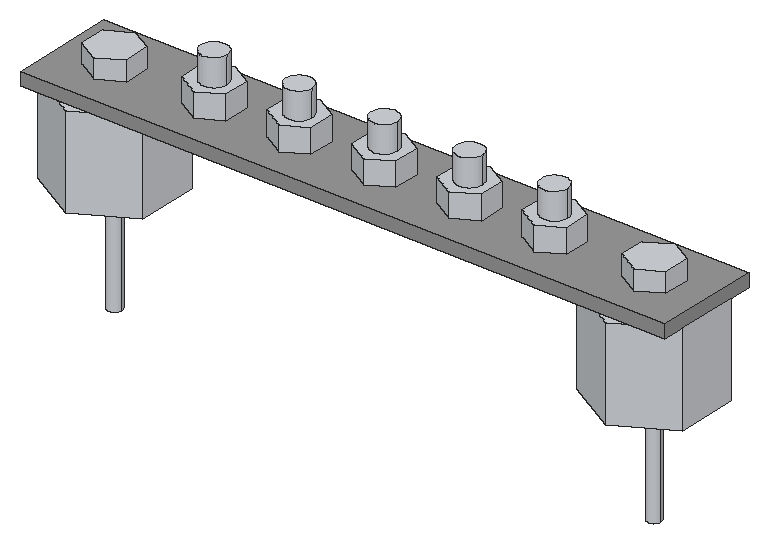
Revit family "Potentialausgleichsschiene BigBar für Industriebereich_Copper", category Generic Models, Revit 2015
Parameters (values of type "1802 5 CU")
  Width = 40 mm
  URL = "http://www.obo-bettermann.com"
  Material = Copper
  Manufacturer Art.No. = "5015830"
  Manufacturer = "OBO Bettermann"
  Length 1 = 130 mm
  Length = 246 mm
  Height = 5 mm
  GTIN = "4012195002253"
  Cut's number = 5
  Article Type = "1802 5 CU"
Types (8, lengths in mm): name | Manufacturer Art.No. | Length 1 | Length | GTIN | Cut's number | Article Type
  (no name) | "5015830" | 130 | 246 | "4012195002253" | 5 | "1802 5 CU"
  1802 5 CU | "5015830" | 130 | 246 | "4012195002253" | 5 | "1802 5 CU"
  1802 10 CU | "5015842" | 292.5 | 408.5 | "4012195002260" | 10 | "1802 10 CU"
  1802 6 CU | "5015832" | 162.5 | 278.5 | "4012195699330" | 6 | "1802 6 CU"
  1802 8 CU | "5015836" | 227.5 | 343.5 | "4012195699347" | 8 | "1802 8 CU"
  1802 12 CU | "5015844" | 357.5 | 473.5 | "4012195699354" | 12 | "1802 12 CU"
  1802 14 CU | "5015847" | 422.5 | 538.8 | "4012195699361" | 14 | "1802 14 CU"
  1802 20 CU | "5015849" | 617.5 | 733.5 | "4012195699408" | 20 | "1802 20 CU"
Reference planes
  plane 1 "Center (Front/Back)": y = 0
  plane 2: z = 0
  plane 3 "Center (Left/Right)": x = 0
  plane 4: z = 5
  plane 5: z = 14
  plane 6: z = 24
  plane 7: z = -35
  plane 8: z = -77.5
  plane 9: z = 12.4
Forms (mm)
  Extrusion 1, solid, material "Copper" <- "Material"
    sketch origin (0, 0, 0) x (1, 0, 0) y (0, 1, 0)
      loop
        line (-58, 20) -> (-58, -20) -> (188, -20) -> (188, 20) -> (-58, 20)
    from 0 to 5
  Extrusion 2, solid
    sketch origin (0, 0, 0) x (1, 0, 0) y (0, 1, 0)
      loop
        line (8.461, 4.885) -> (0, 9.77) -> (-8.461, 4.885) -> (-8.461, -4.885) -> (0, -9.77) -> (8.461, -4.885) -> (8.461, 4.885)
    from 5 to 14
  Extrusion 3, solid
    sketch origin (0, 0, 0) x (1, 0, 0) y (0, 1, 0)
      loop
        circle (0, 0) r 5
    from 14 to 24
  Extrusion 4, solid
    sketch origin (130, 0, 0) x (1, 0, 0) y (0, 1, 0)
      loop
        line (8.461, 4.885) -> (0, 9.77) -> (-8.461, 4.885) -> (-8.461, -4.885) -> (0, -9.77) -> (8.461, -4.885) -> (8.461, 4.885)
    from 5 to 14
  Extrusion 5, solid
    sketch origin (130, 0, 0) x (1, 0, 0) y (0, 1, 0)
      loop
        circle (0, 0) r 5
    from 14 to 24
  Extrusion 6, solid
    sketch origin (32.5, 0, 0) x (1, 0, 0) y (0, 1, 0)
      loop
        line (8.461, 4.885) -> (0, 9.77) -> (-8.461, 4.885) -> (-8.461, -4.885) -> (0, -9.77) -> (8.461, -4.885) -> (8.461, 4.885)
    from 5 to 14
  Extrusion 7, solid
    sketch origin (32.5, 0, 0) x (1, 0, 0) y (0, 1, 0)
      loop
        circle (0, 0) r 5
    from 14 to 24
  Extrusion 8, solid
    sketch origin (65, 0, 0) x (1, 0, 0) y (0, 1, 0)
      loop
        line (8.461, 4.885) -> (0, 9.77) -> (-8.461, 4.885) -> (-8.461, -4.885) -> (0, -9.77) -> (8.461, -4.885) -> (8.461, 4.885)
    from 5 to 14
  Extrusion 9, solid
    sketch origin (65, 0, 0) x (1, 0, 0) y (0, 1, 0)
      loop
        circle (0, 0) r 5
    from 14 to 24
  Extrusion 10, solid
    sketch origin (97.5, 0, 0) x (1, 0, 0) y (0, 1, 0)
      loop
        line (8.461, 4.885) -> (0, 9.77) -> (-8.461, 4.885) -> (-8.461, -4.885) -> (0, -9.77) -> (8.461, -4.885) -> (8.461, 4.885)
    from 5 to 14
  Extrusion 11, solid
    sketch origin (97.5, 0, 0) x (1, 0, 0) y (0, 1, 0)
      loop
        circle (0, 0) r 5
    from 14 to 24
  Extrusion 12, void
    sketch origin (0, 0, 0) x (1, 0, 0) y (0, 1, 0)
      loop
        arc (-43.25, -3.25) -> (-38, -8.5) -> (-32.75, -3.25) r 5.25
        line (-32.75, -3.25) -> (-32.75, 3.25)
        arc (-32.75, 3.25) -> (-38, 8.5) -> (-43.25, 3.25) r 5.25
        line (-43.25, 3.25) -> (-43.25, -3.25)
      loop
        arc (164.75, 5.25) -> (159.5, 0) -> (164.75, -5.25) r 5.25
        line (164.75, -5.25) -> (171.25, -5.25)
        arc (171.25, -5.25) -> (176.5, 0) -> (171.25, 5.25) r 5.25
        line (171.25, 5.25) -> (164.75, 5.25)
    from 0 to 5
  Extrusion 13, solid
    sketch origin (0, 0, 0) x (1, 0, 0) y (0, 1, 0)
      loop
        line (-17.892, 11.61) -> (-38, 23.219) -> (-58.108, 11.61) -> (-58.108, -11.61) -> (-38, -23.219) -> (-17.892, -11.61) -> (-17.892, 11.61)
      loop
        line (188.135, 11.625) -> (168, 23.25) -> (147.865, 11.625) -> (147.865, -11.625) -> (168, -23.25) -> (188.135, -11.625) -> (188.135, 11.625)
    from 0 to -35
  Extrusion 14, solid
    sketch origin (0, 0, 0) x (1, 0, 0) y (0, 1, 0)
      loop
        circle (-38, 0) r 2.707
      loop
        circle (168, 0) r 2.524
    from -77.5 to -35
  Extrusion 15, solid
    sketch origin (0, 0, 0) x (1, 0, 0) y (0, 1, 0)
      loop
        line (-29.532, 4.889) -> (-38, 9.778) -> (-46.468, 4.889) -> (-46.468, -4.889) -> (-38, -9.778) -> (-29.532, -4.889) -> (-29.532, 4.889)
      loop
        line (176.5, 4.907) -> (168, 9.815) -> (159.5, 4.907) -> (159.5, -4.907) -> (168, -9.815) -> (176.5, -4.907) -> (176.5, 4.907)
    from 5 to 12.4
Cuts and joins
  Extrusion 12 cuts Extrusion 1
Dimensions and locks
  "Height": plane 4 to level
  equal spacing: Extrusion 1 sketch curve, plane 1 "Center (Front/Back)", Extrusion 1 sketch curve, locked at 20 each
  locked: Extrusion 1 sketch curve to plane 3 "Center (Left/Right)" at 58
  "Width": Extrusion 1 sketch curve to Extrusion 1 sketch curve
  "Length": Extrusion 1 sketch curve to Extrusion 1 sketch curve
  locked: Extrusion 2 sketch curve to Extrusion 2 sketch curve at 16.922  (x3)
  locked: Extrusion 4 sketch curve to Extrusion 4 sketch curve at 16.922  (x3)
  equal spacing: group 1, group 3, group 4, group 5, group 2  (x3)
  "Length 1": Extrusion 2 to Extrusion 4
  locked: Extrusion 6 sketch curve to Extrusion 6 sketch curve at 16.922  (x3)
  locked: Extrusion 8 sketch curve to Extrusion 8 sketch curve at 16.922  (x3)
  locked: Extrusion 10 sketch curve to Extrusion 10 sketch curve at 16.922  (x3)
  locked: Extrusion 12 sketch curve to Extrusion 12 sketch curve at 10.5  (x2)
  locked: Extrusion 1 to Extrusion 12 sketch curve at 14.75
  locked: Extrusion 12 sketch curve to Extrusion 12 sketch curve at 6.5  (x3)
  equal spacing: Extrusion 12 sketch curve, plane 1 "Center (Front/Back)", Extrusion 12 sketch curve, locked at 3.25 each
  equal spacing: Extrusion 12 sketch curve, plane 1 "Center (Front/Back)", Extrusion 12 sketch curve, locked at 5.25 each
  locked: Extrusion 12 sketch curve to Extrusion 1 at 16.75  (x2)
  locked: Extrusion 13 sketch curve to Extrusion 13 sketch curve at 40.217  (x3)
  locked: cut or joined group of Extrusion 1, Extrusion 12 to Extrusion 13 sketch curve at 40.108
  locked: Extrusion 13 sketch curve to cut or joined group of Extrusion 1, Extrusion 12 at 3.219  (x2)
  locked: Extrusion 13 sketch curve to Extrusion 13 sketch curve at 40.271  (x3)
  locked: Extrusion 13 sketch curve to cut or joined group of Extrusion 1, Extrusion 12 at 40.135
  locked: Extrusion 13 sketch curve to cut or joined group of Extrusion 1, Extrusion 12 at 3.25  (x2)
  locked: level to plane 7 at 35
  locked: cut or joined group of Extrusion 1, Extrusion 12 to Extrusion 14 sketch curve at 20  (x3)
  locked: Extrusion 14 sketch curve to cut or joined group of Extrusion 1, Extrusion 12 at 20
  locked: plane 7 to plane 8 at 42.5
  locked: Extrusion 15 sketch curve to Extrusion 15 sketch curve at 16.936  (x3)
  locked: cut or joined group of Extrusion 1, Extrusion 12 to Extrusion 15 sketch curve at 11.532
  locked: cut or joined group of Extrusion 1, Extrusion 12 to Extrusion 15 sketch curve at 10.222  (x2)
  locked: Extrusion 15 sketch curve to Extrusion 15 sketch curve at 17  (x3)
  locked: Extrusion 15 sketch curve to cut or joined group of Extrusion 1, Extrusion 12 at 11.5
  locked: cut or joined group of Extrusion 1, Extrusion 12 to Extrusion 15 sketch curve at 10.185  (x2)
  locked: plane 9 to cut or joined group of Extrusion 1, Extrusion 12 at 7.4
  diameter of Extrusion 3 sketch curve = 10 mm
  diameter of Extrusion 5 sketch curve = 10 mm
  diameter of Extrusion 7 sketch curve = 10 mm
  diameter of Extrusion 9 sketch curve = 10 mm
  diameter of Extrusion 11 sketch curve = 10 mm
  radius of Extrusion 12 sketch curve = 5.25 mm  (x2)
  diameter of Extrusion 14 sketch curve = 5.414 mm
  diameter of Extrusion 14 sketch curve = 5.047 mm
  aligned and locked: level to plane 2
  aligned and locked: Extrusion 1 to level
  aligned and locked: plane 4 to Extrusion 1
  aligned and locked: Extrusion 2 to plane 4
  aligned and locked: plane 5 to Extrusion 2
  aligned and locked: Extrusion 3 to plane 5
  aligned and locked: plane 6 to Extrusion 3
  aligned and locked: Extrusion 12 to level
  aligned and locked: plane 4 to Extrusion 12
  aligned and locked: Extrusion 13 to plane 7
  aligned and locked: level to Extrusion 13
  aligned and locked: Extrusion 14 to plane 8
  aligned and locked: Extrusion 14 to Extrusion 13
  aligned and locked: Extrusion 15 to plane 4
  aligned and locked: plane 9 to Extrusion 15
Automatic sketch dimensions
  Extrusion 2 sketch curve to Extrusion 2 sketch curve = 8.461 mm  (x2)
  Extrusion 2 sketch curve to Extrusion 2 sketch curve = 4.885 mm
  Extrusion 4 sketch curve to Extrusion 4 sketch curve = 8.461 mm  (x2)
  Extrusion 4 sketch curve to Extrusion 4 sketch curve = 4.885 mm
  Extrusion 6 sketch curve to Extrusion 6 sketch curve = 8.461 mm  (x2)
  Extrusion 6 sketch curve to Extrusion 6 sketch curve = 4.885 mm
  Extrusion 8 sketch curve to Extrusion 8 sketch curve = 8.461 mm  (x2)
  Extrusion 8 sketch curve to Extrusion 8 sketch curve = 4.885 mm
  Extrusion 10 sketch curve to Extrusion 10 sketch curve = 8.461 mm  (x2)
  Extrusion 10 sketch curve to Extrusion 10 sketch curve = 4.885 mm
  Extrusion 13 sketch curve to Extrusion 13 sketch curve = 20.108 mm  (x2)
  plane 1 "Center (Front/Back)" to Extrusion 13 sketch curve = 11.625 mm
  Extrusion 13 sketch curve to plane 1 "Center (Front/Back)" = 11.625 mm
  Extrusion 15 sketch curve to Extrusion 15 sketch curve = 8.468 mm  (x2)
  plane 1 "Center (Front/Back)" to Extrusion 15 sketch curve = 4.907 mm
  Extrusion 15 sketch curve to plane 1 "Center (Front/Back)" = 4.907 mm
